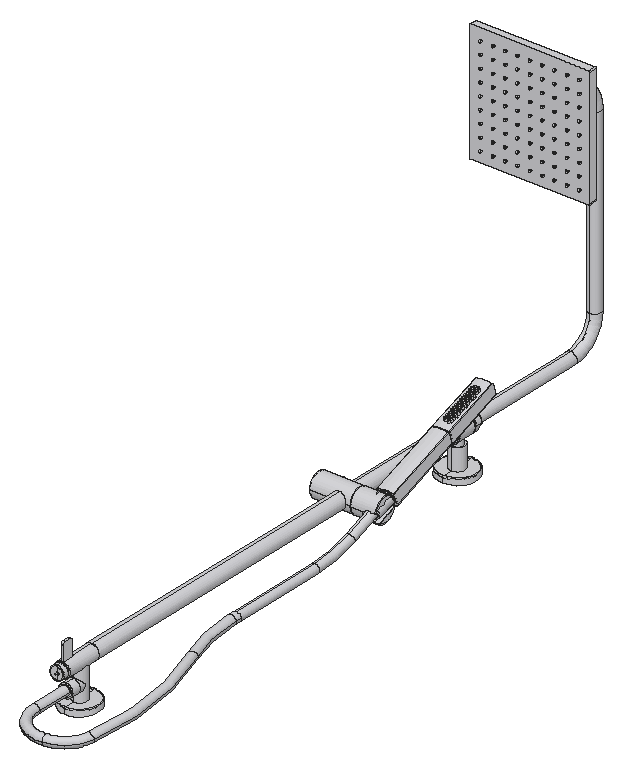
Revit family "Shower-Shower_Column_Kit-KOHLER-ANGULAR-K-76633T_1", category Plumbing Fixtures, host Face, Revit 2017 (continued)
Definition of nested family "K-76633T"
  Lines and regions (in)
    Masking region 2
      outline origin (0, 0, 0) x (1, 0, 0) y (0, 0, 1)
        loop
          line (4.21217, 1.63386) -> (2.30307, 1.63386) -> (2.30307, 1.88976) -> (2.44179, 1.88976)
          arc (2.44179, 1.88976) -> (2.45771, 1.89594) -> (2.46531, 1.91123) r 0.02362
          arc (2.46531, 1.91123) -> (2.48032, 2.23056) -> (2.467, 2.54996) r 3.60796
          line (2.467, 2.54996) -> (2.51994, 2.55862)
          spline (2.51994, 2.55862) -> (2.52328, 2.55946) -> (2.52651, 2.56064) -> (2.52958, 2.56215) -> (2.53245, 2.56396) -> (2.53509, 2.56606) -> (2.53748, 2.56842) -> (2.53957, 2.57102) -> (2.54135, 2.57381) -> (2.54279, 2.57677) -> (2.54387, 2.57986) -> (2.54459, 2.58304) -> (2.54494, 2.58628)
          spline (2.54494, 2.58628) -> (2.54629, 2.61635) -> (2.54752, 2.64644) -> (2.54864, 2.67652) -> (2.54964, 2.70661) -> (2.55052, 2.7367) -> (2.55129, 2.7668) -> (2.55193, 2.79689) -> (2.55246, 2.82699) -> (2.55287, 2.8571) -> (2.55317, 2.8872) -> (2.55335, 2.9173) -> (2.5534, 2.9474)
          line (2.5534, 2.9474) -> (2.5534, 5.87988)
          spline (2.5534, 5.87988) -> (2.55334, 5.91107) -> (2.55315, 5.94226) -> (2.55284, 5.97344) -> (2.55239, 6.00462) -> (2.55183, 6.0358) -> (2.55113, 6.06698) -> (2.55031, 6.09816) -> (2.54936, 6.12933) -> (2.54829, 6.1605) -> (2.54709, 6.19166) -> (2.54577, 6.22282) -> (2.54432, 6.25398)
          spline (2.54432, 6.25398) -> (2.54407, 6.25654) -> (2.54359, 6.25907) -> (2.54288, 6.26155) -> (2.54195, 6.26396) -> (2.54079, 6.26629) -> (2.53943, 6.26852) -> (2.53786, 6.27062) -> (2.53611, 6.27259) -> (2.53418, 6.27441) -> (2.53209, 6.27607) -> (2.52985, 6.27755) -> (2.52749, 6.27884)
          spline (2.52749, 6.27884) -> (2.44265, 6.29546) -> (2.35721, 6.30913) -> (2.2713, 6.31984) -> (2.18502, 6.32756) -> (2.0985, 6.33229) -> (2.01186, 6.33401) -> (1.9252, 6.33274) -> (1.83866, 6.32846) -> (1.75234, 6.32119) -> (1.66636, 6.31093) -> (1.58085, 6.2977) -> (1.49591, 6.28152)
          spline (1.49591, 6.28152) -> (1.49261, 6.28065) -> (1.48943, 6.27945) -> (1.48641, 6.27794) -> (1.48358, 6.27612) -> (1.48097, 6.27402) -> (1.47863, 6.27167) -> (1.47657, 6.2691) -> (1.47482, 6.26633) -> (1.4734, 6.2634) -> (1.47233, 6.26034) -> (1.47162, 6.25719) -> (1.47127, 6.25398)
          spline (1.47127, 6.25398) -> (1.46982, 6.22282) -> (1.4685, 6.19166) -> (1.4673, 6.1605) -> (1.46623, 6.12933) -> (1.46528, 6.09816) -> (1.46446, 6.06698) -> (1.46376, 6.0358) -> (1.4632, 6.00462) -> (1.46275, 5.97344) -> (1.46244, 5.94226) -> (1.46225, 5.91107) -> (1.46219, 5.87988)
          line (1.46219, 5.87988) -> (1.46219, 3.46457) -> (0.87, 3.46457) -> (0.87, 3.35745) -> (0.82677, 3.35745) -> (0.82677, 3.46457) -> (0.3937, 3.46457) -> (0.3937, 14.48819) -> (3.85827, 14.48819)
          arc (3.85827, 14.48819) -> (3.91395, 14.51125) -> (3.93701, 14.56693) r 0.07874
          line (3.93701, 14.56693) -> (3.93701, 22.28346)
          arc (3.93701, 22.28346) -> (3.91395, 22.33914) -> (3.85827, 22.3622) r 0.07874
        loop
          line (1.71252, 1.63386) -> (1.71252, 1.88976) -> (0.87, 1.88976) -> (0.87, 1.99688) -> (0.82677, 1.99688) -> (0.82677, 1.88976) -> (0.46074, 1.88976) -> (0.46074, 1.75197) -> (0.49213, 1.75197) -> (0.49213, 1.63386) -> (1.71252, 1.63386)
    Masking region 3
      outline origin (0, 0, 0) x (0, 1, 0) y (0, 0, 1)
        loop
          line (-29.62598, 0) -> (-29.63568, 0.3707)
          arc (-29.63568, 0.3707) -> (-29.64281, 0.387) -> (-29.65929, 0.3937) r 0.02362
          line (-29.65929, 0.3937) -> (-30.40568, 0.3937) -> (-30.40568, 1.04331) -> (-14.18046, 1.04331)
          arc (-14.18046, 1.04331) -> (-12.56895, 1.19229) -> (-11.01207, 1.63419) r 8.79017
          line (-11.01207, 1.63419) -> (-9.59477, 2.15004)
          arc (-9.59477, 2.15004) -> (-8.98688, 1.8901) -> (-8.39518, 2.18504) r 0.7874
          line (-8.39518, 2.18504) -> (-0.62008, 2.18504) -> (-0.62008, 2.05117)
          arc (-0.62008, 2.05117) -> (-0.61316, 2.03446) -> (-0.59646, 2.02754) r 0.02362
          line (-0.59646, 2.02754) -> (-0.31487, 2.02754) -> (-0.31487, 1.75197) -> (-0.49213, 1.75197) -> (-0.49213, 0.3937) -> (-1.19916, 0.3937)
          arc (-1.19916, 0.3937) -> (-1.22116, 0.38474) -> (-1.23065, 0.36296) r 0.0315
          line (-1.23065, 0.36296) -> (-1.23939, 0) -> (1.23939, 0) -> (1.23065, 0.36296)
          arc (1.23065, 0.36296) -> (1.22116, 0.38474) -> (1.19916, 0.3937) r 0.0315
          line (1.19916, 0.3937) -> (0.49213, 0.3937) -> (0.49213, 1.75197) -> (0.31487, 1.75197) -> (0.31487, 2.02754) -> (0.59646, 2.02754)
          arc (0.59646, 2.02754) -> (0.61316, 2.03446) -> (0.62008, 2.05117) r 0.02362
          line (0.62008, 2.05117) -> (0.62008, 2.12598) -> (0.68322, 2.12598) -> (0.68322, 2.05117)
          arc (0.68322, 2.05117) -> (0.69014, 2.03446) -> (0.70685, 2.02754) r 0.02362
          line (0.70685, 2.02754) -> (1.13204, 2.02754)
          arc (1.13204, 2.02754) -> (1.14875, 2.03446) -> (1.15567, 2.05117) r 0.02362
          line (1.15567, 2.05117) -> (1.15567, 2.28346) -> (9.25197, 2.28346)
          arc (9.25197, 2.28346) -> (10.9223, 2.97534) -> (11.61417, 4.64567) r 2.3622
          line (11.61417, 4.64567) -> (11.61417, 16.45669)
          arc (11.61417, 16.45669) -> (10.9223, 18.12702) -> (9.25197, 18.8189) r 2.3622
          line (9.25197, 18.8189) -> (8.48425, 18.8189) -> (8.45472, 18.78937) -> (8.34604, 18.78937) -> (8.34604, 18.89764) -> (8.03108, 18.89764) -> (8.03108, 18.85827) -> (7.53053, 18.85827) -> (7.50954, 18.8006)
          arc (7.50954, 18.8006) -> (7.49801, 18.78557) -> (7.47994, 18.77988) r 0.0315
          line (7.47994, 18.77988) -> (7.36868, 18.77988)
          arc (7.36868, 18.77988) -> (7.35358, 18.78289) -> (7.34079, 18.79146) r 0.03937
          arc (7.34079, 18.79146) -> (7.2917, 18.83217) -> (7.23581, 18.86287) r 0.33623
          line (7.23581, 18.86287) -> (7.23581, 19.09768)
          arc (7.23581, 19.09768) -> (7.22536, 19.12439) -> (7.19957, 19.13693) r 0.03937
          arc (7.19957, 19.13693) -> (6.81838, 19.16122) -> (6.43659, 19.17323) r 11.86621
          line (6.43659, 19.17323) -> (6.43659, 19.2126) -> (6.41691, 19.24669) -> (6.41691, 22.32283)
          arc (6.41691, 22.32283) -> (6.40538, 22.35067) -> (6.37754, 22.3622) r 0.03937
          line (6.37754, 22.3622) -> (5.94447, 22.3622)
          arc (5.94447, 22.3622) -> (5.91663, 22.35067) -> (5.9051, 22.32283) r 0.03937
          line (5.9051, 22.32283) -> (5.9051, 21.69194) -> (5.85242, 21.69194) -> (5.85242, 21.55021) -> (5.9051, 21.55021) -> (5.9051, 20.88483) -> (5.85242, 20.88483) -> (5.85242, 20.74309) -> (5.9051, 20.74309) -> (5.9051, 20.07771) -> (5.85242, 20.07771) -> (5.85242, 19.93598) -> (5.9051, 19.93598) -> (5.9051, 19.27059) -> (5.85242, 19.27059) -> (5.85242, 19.12886) -> (5.9051, 19.12886) -> (5.9051, 18.46347) -> (5.85242, 18.46347) -> (5.85242, 18.32174) -> (5.9051, 18.32174) -> (5.9051, 17.65636) -> (5.85242, 17.65636) -> (5.85242, 17.51462) -> (5.9051, 17.51462) -> (5.9051, 16.84924) -> (5.85242, 16.84924) -> (5.85242, 16.70751) -> (5.9051, 16.70751) -> (5.9051, 16.04212) -> (5.85242, 16.04212) -> (5.85242, 15.90039) -> (5.9051, 15.90039) -> (5.9051, 15.235) -> (5.85242, 15.235) -> (5.85242, 15.09327) -> (5.9051, 15.09327) -> (5.9051, 14.52756)
          arc (5.9051, 14.52756) -> (5.91663, 14.49972) -> (5.94447, 14.48819) r 0.03937
          line (5.94447, 14.48819) -> (6.37754, 14.48819)
          arc (6.37754, 14.48819) -> (6.40538, 14.49972) -> (6.41691, 14.52756) r 0.03937
          line (6.41691, 14.52756) -> (6.41691, 17.6037) -> (6.43659, 17.6378) -> (6.43659, 17.67717)
          arc (6.43659, 17.67717) -> (6.81838, 17.68918) -> (7.19957, 17.71347) r 11.86621
          arc (7.19957, 17.71347) -> (7.22536, 17.72601) -> (7.23581, 17.75271) r 0.03937
          line (7.23581, 17.75271) -> (7.23581, 17.98752)
          arc (7.23581, 17.98752) -> (7.2917, 18.01823) -> (7.34079, 18.05893) r 0.33623
          arc (7.34079, 18.05893) -> (7.35358, 18.06751) -> (7.36868, 18.07052) r 0.03937
          line (7.36868, 18.07052) -> (7.47994, 18.07052)
          arc (7.47994, 18.07052) -> (7.49801, 18.06482) -> (7.50954, 18.04979) r 0.0315
          line (7.50954, 18.04979) -> (7.53053, 17.99213) -> (8.03108, 17.99213) -> (8.03108, 17.95276) -> (8.34604, 17.95276) -> (8.34604, 18.06102) -> (8.45472, 18.06102) -> (8.48425, 18.0315) -> (9.25197, 18.0315)
          arc (9.25197, 18.0315) -> (10.36552, 17.57025) -> (10.82677, 16.45669) r 1.5748
          line (10.82677, 16.45669) -> (10.82677, 4.64567)
          arc (10.82677, 4.64567) -> (10.36552, 3.53212) -> (9.25197, 3.07087) r 1.5748
          line (9.25197, 3.07087) -> (1.15567, 3.07087) -> (1.15567, 3.30316)
          arc (1.15567, 3.30316) -> (1.14875, 3.31987) -> (1.13204, 3.32679) r 0.02362
          line (1.13204, 3.32679) -> (0.70685, 3.32679)
          arc (0.70685, 3.32679) -> (0.69014, 3.31987) -> (0.68322, 3.30316) r 0.02362
          line (0.68322, 3.30316) -> (0.68322, 3.22835) -> (0.62008, 3.22835) -> (0.62008, 3.30316)
          arc (0.62008, 3.30316) -> (0.61316, 3.31987) -> (0.59646, 3.32679) r 0.02362
          line (0.59646, 3.32679) -> (-0.59646, 3.32679)
          arc (-0.59646, 3.32679) -> (-0.61316, 3.31987) -> (-0.62008, 3.30316) r 0.02362
          line (-0.62008, 3.30316) -> (-0.62008, 3.16929) -> (-6.25394, 3.16929) -> (-3.60518, 4.13336) -> (-3.64809, 4.25126) -> (-3.59735, 4.26973) -> (-3.56251, 4.17403)
          arc (-3.56251, 4.17403) -> (-3.5503, 4.1607) -> (-3.53224, 4.15991) r 0.02362
          line (-3.53224, 4.15991) -> (-0.03399, 5.43317)
          arc (-0.03399, 5.43317) -> (-0.02066, 5.44538) -> (-0.01987, 5.46344) r 0.02362
          line (-0.01987, 5.46344) -> (-0.32866, 6.31183)
          arc (-0.32866, 6.31183) -> (-0.34087, 6.32516) -> (-0.35894, 6.32594) r 0.02362
          line (-0.35894, 6.32594) -> (-0.87791, 6.13705) -> (-0.90168, 6.20239) -> (-3.4217, 5.28518) -> (-3.39792, 5.21985) -> (-3.85718, 5.05269)
          arc (-3.85718, 5.05269) -> (-3.87051, 5.04047) -> (-3.8713, 5.02241) r 0.02362
          line (-3.8713, 5.02241) -> (-3.83995, 4.93628) -> (-3.89069, 4.91781) -> (-3.93012, 5.02614) -> (-8.37119, 3.40972)
          arc (-8.37119, 3.40972) -> (-8.38371, 3.3995) -> (-8.38717, 3.38372) r 0.02456
          arc (-8.38717, 3.38372) -> (-8.39973, 3.39447) -> (-8.41626, 3.39452) r 0.02395
          line (-8.41626, 3.39452) -> (-8.45705, 3.37968)
          arc (-8.45705, 3.37968) -> (-8.46909, 3.36982) -> (-8.47236, 3.35461) r 0.02354
          line (-8.47236, 3.35461) -> (-8.55549, 3.32026)
          arc (-8.55549, 3.32026) -> (-9.11995, 3.45683) -> (-9.62451, 3.16929) r 0.7874
          line (-9.62451, 3.16929) -> (-29.89173, 3.16929) -> (-29.89173, 3.02555) -> (-29.9311, 3.02555) -> (-29.9311, 3.16929) -> (-31.62402, 3.16929) -> (-31.62402, 4.1472)
          arc (-31.62402, 4.1472) -> (-31.65861, 4.23072) -> (-31.74213, 4.26531) r 0.11811
          line (-31.74213, 4.26531) -> (-32.13583, 4.26531)
          arc (-32.13583, 4.26531) -> (-32.21934, 4.23072) -> (-32.25394, 4.1472) r 0.11811
          line (-32.25394, 4.1472) -> (-32.25394, 3.16929) -> (-32.28645, 3.16929) -> (-32.28645, 3.10734) -> (-32.31795, 3.10734) -> (-32.31795, 3.16929) -> (-32.37205, 3.16929) -> (-32.37205, 3.09918)
          arc (-32.37205, 3.09918) -> (-32.37839, 3.11398) -> (-32.39329, 3.12008) r 0.02125
          line (-32.39329, 3.12008) -> (-32.72441, 3.12008)
          arc (-32.72441, 3.12008) -> (-32.74668, 3.11086) -> (-32.75591, 3.08858) r 0.0315
          line (-32.75591, 3.08858) -> (-32.75591, 2.67717) -> (-32.75591, 2.26575)
          arc (-32.75591, 2.26575) -> (-32.74668, 2.24348) -> (-32.72441, 2.23425) r 0.0315
          line (-32.72441, 2.23425) -> (-32.39329, 2.23425)
          arc (-32.39329, 2.23425) -> (-32.37839, 2.24035) -> (-32.37205, 2.25515) r 0.02125
          line (-32.37205, 2.25515) -> (-32.37205, 2.18504) -> (-32.31795, 2.18504) -> (-32.31795, 2.24699) -> (-32.28645, 2.24699) -> (-32.28645, 2.18504) -> (-31.3266, 2.18504) -> (-31.3266, 1.79134) -> (-31.39764, 1.79134) -> (-31.39764, 1.7586)
          arc (-31.39764, 1.7586) -> (-31.40223, 1.77457) -> (-31.41732, 1.7815) r 0.01991
          line (-31.41732, 1.7815) -> (-32.00787, 1.7815)
          arc (-32.00787, 1.7815) -> (-32.03015, 1.77227) -> (-32.03937, 1.75) r 0.0315
          line (-32.03937, 1.75) -> (-32.03937, 1.63386) -> (-36.67787, 1.63386)
          arc (-36.67787, 1.63386) -> (-36.97315, 1.33858) -> (-36.67787, 1.04331) r 0.29528
          line (-36.67787, 1.04331) -> (-32.03937, 1.04331) -> (-32.03937, 0.92717)
          arc (-32.03937, 0.92717) -> (-32.03015, 0.90489) -> (-32.00787, 0.89567) r 0.0315
          line (-32.00787, 0.89567) -> (-31.41732, 0.89567)
          arc (-31.41732, 0.89567) -> (-31.40223, 0.9026) -> (-31.39764, 0.91856) r 0.01991
          line (-31.39764, 0.91856) -> (-31.39764, 0.88583) -> (-31.3266, 0.88583) -> (-31.3266, 0.3937) -> (-32.07299, 0.3937)
          arc (-32.07299, 0.3937) -> (-32.08948, 0.387) -> (-32.09661, 0.3707) r 0.02362
          line (-32.09661, 0.3707) -> (-32.1063, 0) -> (-29.62598, 0)
        loop
          line (-29.89173, 2.18504) -> (-29.89173, 2.32878) -> (-29.9311, 2.32878) -> (-29.9311, 2.18504) -> (-30.40568, 2.18504) -> (-30.40568, 1.63386) -> (-14.18046, 1.63386)
          arc (-14.18046, 1.63386) -> (-12.67722, 1.77283) -> (-11.22493, 2.18504) r 8.19962
          line (-11.22493, 2.18504) -> (-29.89173, 2.18504)
    symbolic lines, detail levels medium+fine
      curve 1: line (-0.3937, 8.45472, 1.33858) -> (0.3937, 8.45472, 1.33858)
      curve 2: line (-0.47244, 8.34604, 1.33858) -> (0.47244, 8.34604, 1.33858)
      curve 3: line (-0.36416, 8.45472, 1.33858) -> (-0.36416, 8.34604, 1.33858)
      curve 4: line (0.36416, 8.45472, 1.33858) -> (0.36416, 8.34604, 1.33858)
      curve 5: line (0.18881, 8.03108, 1.33858) -> (0.18881, 7.56691, 1.33858)
      curve 6: line (0.18881, 8.03108, 1.33858) -> (-0.18881, 8.03108, 1.33858)
      curve 7: line (-0.18881, 7.56691, 1.33858) -> (-0.18881, 8.03108, 1.33858)
      curve 8: spline (-0.18881, 7.56691, 1.33858) -> (-0.18238, 7.5575, 1.33858) -> (-0.16352, 7.54872, 1.33858) -> (-0.13351, 7.54119, 1.33858) -> (-0.09441, 7.5354, 1.33858) -> (-0.04887, 7.53177, 1.33858) -> (0, 7.53053, 1.33858) -> (0.04887, 7.53177, 1.33858) -> (0.09441, 7.5354, 1.33858) -> (0.13351, 7.54119, 1.33858) -> (0.16352, 7.54872, 1.33858) -> (0.18238, 7.5575, 1.33858) -> (0.18881, 7.56691, 1.33858)
      curve 9: line (-0.43767, 7.23581, 1.33858) -> (0.47079, 7.23581, 1.33858)
      curve 10: line (-0.7874, 6.43659, 1.33858) -> (0.7874, 6.43659, 1.33858)
      curve 11: line (-0.8759, 6.41691, 1.33858) -> (0.89576, 6.41691, 1.33858)
      curve 12: line (-3.85827, 5.9051, 1.33858) -> (3.62205, 5.9051, 1.33858)
      curve 13: line (-3.93701, 6.35785, 1.33858) -> (3.93701, 6.35785, 1.33858)
      curve 14: line (-3.93701, 5.96415, 1.33858) -> (3.93701, 5.96415, 1.33858)
      curve 15: line (-0.3937, 9.70892, 1.33858) -> (0.3937, 9.70892, 1.33858)
      curve 16: line (-0.71173, 7.19957, 1.33858) -> (0.71173, 7.19957, 1.33858)
      curve 17: line (-0.35468, 7.48014, 1.33858) -> (-0.35468, 7.36874, 1.33858)
      curve 18: line (-0.41436, 7.52372, 1.33858) -> (-0.37521, 7.50947, 1.33858)
      curve 19: arc (-0.37521, 7.50947, 1.33858) -> (-0.36032, 7.49804, 1.33858) -> (-0.35468, 7.48014, 1.33858) r 0.03121
      curve 20: arc (-0.3937, 7.30987, 1.33858) -> (-0.38139, 7.32549, 1.33858) -> (-0.36746, 7.3397, 1.33858) r 0.1843
      curve 21: arc (-0.36746, 7.3397, 1.33858) -> (-0.35802, 7.35288, 1.33858) -> (-0.35468, 7.36874, 1.33858) r 0.03937
      curve 22: line (0.35468, 7.48014, 1.33858) -> (0.35468, 7.36874, 1.33858)
      curve 23: line (0.41436, 7.52372, 1.33858) -> (0.37521, 7.50947, 1.33858)
      curve 24: arc (0.37521, 7.50947, 1.33858) -> (0.36032, 7.49804, 1.33858) -> (0.35468, 7.48014, 1.33858) r 0.03121
      curve 25: arc (0.3937, 7.30987, 1.33858) -> (0.38139, 7.32549, 1.33858) -> (0.36746, 7.3397, 1.33858) r 0.1843
      curve 26: arc (0.36746, 7.3397, 1.33858) -> (0.35802, 7.35288, 1.33858) -> (0.35468, 7.36874, 1.33858) r 0.03937
      curve 27: line (-0.36746, 7.3397, 1.33858) -> (0.36746, 7.3397, 1.33858)
      curve 28: line (-0.35468, 7.36874, 1.33858) -> (0.35468, 7.36874, 1.33858)
      curve 29: line (-0.35468, 7.48014, 1.33858) -> (0.35468, 7.48014, 1.33858)
      curve 30: line (-0.37521, 7.50947, 1.33858) -> (0.37521, 7.50947, 1.33858)
      curve 31: line (-0.45172, 7.53732, 1.33858) -> (-0.10982, 7.53732, 1.33858)
      curve 32: line (-0.47244, 7.56691, 1.33858) -> (-0.18881, 7.56691, 1.33858)
      curve 33: line (0.45172, 7.53732, 1.33858) -> (0.10982, 7.53732, 1.33858)
      curve 34: line (-0.64962, 1.0555, 1.33858) -> (-0.64962, 0.70685, 1.33858)
      curve 35: line (0, -0.62008, 1.33858) -> (-0.626, -0.62008, 1.33858)
      curve 36: arc (-0.64962, -0.59646, 1.33858) -> (-0.6427, -0.61316, 1.33858) -> (-0.626, -0.62008, 1.33858) r 0.02362
      curve 37: line (-0.55118, 0.68322, 1.33858) -> (-0.55118, 0.61998, 1.33858)
      curve 38: line (-0.55118, 0.61998, 1.33858) -> (-0.626, 0.61998, 1.33858)
      curve 39: line (-0.64962, 0.59636, 1.33858) -> (-0.64962, -0.59646, 1.33858)
      curve 40: line (-0.55118, 0.68322, 1.33858) -> (-0.626, 0.68322, 1.33858)
      curve 41: arc (-0.626, 0.68322, 1.33858) -> (-0.6427, 0.69014, 1.33858) -> (-0.64962, 0.70685, 1.33858) r 0.02362
      curve 42: arc (-0.626, 0.61998, 1.33858) -> (-0.6427, 0.61306, 1.33858) -> (-0.64962, 0.59636, 1.33858) r 0.02362
      curve 43: line (-0.36895, 1.1334, 1.33858) -> (-0.36895, 0.70514, 1.33858)
      curve 44: spline (-0.39352, 1.15567, 1.33858) -> (-0.39118, 1.1561, 1.33858) -> (-0.38883, 1.15609, 1.33858) -> (-0.38649, 1.15564, 1.33858) -> (-0.38418, 1.15475, 1.33858) -> (-0.38192, 1.15342, 1.33858) -> (-0.37973, 1.15168, 1.33858) -> (-0.37762, 1.14953, 1.33858) -> (-0.37562, 1.14699, 1.33858) -> (-0.37373, 1.14408, 1.33858) -> (-0.37198, 1.14083, 1.33858) -> (-0.37038, 1.13726, 1.33858) -> (-0.36895, 1.1334, 1.33858)
      curve 45: spline (-0.36895, 0.70514, 1.33858) -> (-0.37038, 0.7014, 1.33858) -> (-0.37196, 0.69793, 1.33858) -> (-0.37368, 0.69477, 1.33858) -> (-0.37554, 0.69194, 1.33858) -> (-0.3775, 0.68946, 1.33858) -> (-0.37957, 0.68735, 1.33858) -> (-0.38172, 0.68564, 1.33858) -> (-0.38393, 0.68432, 1.33858) -> (-0.38619, 0.68341, 1.33858) -> (-0.38847, 0.68293, 1.33858) -> (-0.39078, 0.68286, 1.33858) -> (-0.39307, 0.68322, 1.33858)
      curve 46: line (-0.626, 1.15567, 1.33858) -> (0, 1.15567, 1.33858)
      curve 47: line (-0.626, 0.62008, 1.33858) -> (0, 0.62008, 1.33858)
      curve 48: line (0.64962, 1.0555, 1.33858) -> (0.64962, 0.70685, 1.33858)
      curve 49: line (0, -0.62008, 1.33858) -> (0.626, -0.62008, 1.33858)
      curve 50: arc (0.64962, -0.59646, 1.33858) -> (0.6427, -0.61316, 1.33858) -> (0.626, -0.62008, 1.33858) r 0.02362
      curve 51: line (0.55118, 0.68322, 1.33858) -> (0.55118, 0.61998, 1.33858)
      curve 52: line (0.55118, 0.61998, 1.33858) -> (0.626, 0.61998, 1.33858)
      curve 53: line (0.64962, 0.59636, 1.33858) -> (0.64962, -0.59646, 1.33858)
      curve 54: line (0.55118, 0.68322, 1.33858) -> (0.626, 0.68322, 1.33858)
      curve 55: arc (0.626, 0.68322, 1.33858) -> (0.6427, 0.69014, 1.33858) -> (0.64962, 0.70685, 1.33858) r 0.02362
      curve 56: arc (0.626, 0.61998, 1.33858) -> (0.6427, 0.61306, 1.33858) -> (0.64962, 0.59636, 1.33858) r 0.02362
      curve 57: line (0.626, 1.15567, 1.33858) -> (0, 1.15567, 1.33858)
      curve 58: line (0.626, 0.62008, 1.33858) -> (0, 0.62008, 1.33858)
      curve 59: line (-0.55118, 0.68322, 1.33858) -> (0.56688, 0.68322, 1.33858)
      curve 60: line (-0.3937, 1.19257, 1.33858) -> (-0.3937, 1.15567, 1.33858)
      curve 61: line (0.3937, 1.23762, 1.33858) -> (0.3937, 1.15567, 1.33858)
      curve 62: line (-0.49213, -1.1375, 1.33858) -> (-0.49213, -0.62008, 1.33858)
      curve 63: line (0.49213, -1.1375, 1.33858) -> (0.49213, -0.62008, 1.33858)
      curve 64: line (-1.3093, -8.22244, 1.33858) -> (-0.72835, -8.22244, 1.33858)
      curve 65: line (0, -8.39518, 1.33858) -> (0.52362, -8.19094, 1.33858)
      curve 66: line (0.82677, -8.22244, 1.33858) -> (0.82677, -9.79724, 1.33858)
      curve 67: line (0.87, -8.22244, 1.33858) -> (0.87, -9.79724, 1.33858)
      curve 68: line (0, -8.39518, 1.33858) -> (-0.52362, -8.19094, 1.33858)
      curve 69: line (0, -8.37006, 1.33858) -> (-0.49213, -8.19094, 1.33858)
      curve 70: line (0, -8.42667, 1.33858) -> (0.52362, -8.22244, 1.33858)
      curve 71: line (0, -8.42667, 1.33858) -> (-0.52362, -8.22244, 1.33858)
      curve 72: line (0, -8.37006, 1.33858) -> (0.49213, -8.19094, 1.33858)
      curve 73: line (0, -9.62451, 1.33858) -> (0.52362, -9.82874, 1.33858)
      curve 74: line (0, -9.62451, 1.33858) -> (-0.52362, -9.82874, 1.33858)
      curve 75: line (0, -9.64962, 1.33858) -> (-0.49213, -9.82874, 1.33858)
      curve 76: line (0, -9.59301, 1.33858) -> (0.52362, -9.79724, 1.33858)
      curve 77: line (0, -9.59301, 1.33858) -> (-0.52362, -9.79724, 1.33858)
      curve 78: line (0, -9.64962, 1.33858) -> (0.49213, -9.82874, 1.33858)
      curve 79: line (-3.70114, 6.41691, 1.33858) -> (-3.70114, 5.9051, 1.33858)
      curve 80: line (3.70114, 6.41691, 1.33858) -> (3.70114, 5.9051, 1.33858)
      curve 81: arc (-0.64962, 1.01833, 1.33858) -> (-1.20458, -0.08943, 1.33858) -> (-0.49213, -1.1031, 1.33858) r 1.2079
      curve 82: arc (0.49213, -1.1031, 1.33858) -> (1.20458, -0.08943, 1.33858) -> (0.64962, 1.01833, 1.33858) r 1.2079
      curve 83: line (-1.2697, -8.05939, 1.33858) -> (-0.68641, -8.05939, 1.33858)
      curve 84: line (-1.82677, -8.22244, 1.33858) -> (-1.82677, -9.79724, 1.33858)
      curve 85: line (2.44287, -9.79724, 1.33858) -> (2.44287, -8.48115, 1.33858)
      curve 86: line (2.46648, -9.77448, 1.33858) -> (2.46648, -8.50162, 1.33858)
      curve 87: line (1.59273, -9.79724, 1.33858) -> (2.30307, -9.79724, 1.33858)
      curve 88: line (-0.43017, -32.28645, 1.33858) -> (0.43017, -32.28645, 1.33858)
      curve 89: line (-0.42202, -32.37205, 1.33858) -> (0.42202, -32.37205, 1.33858)
      curve 90: line (-0.43017, -32.31795, 1.33858) -> (0.43017, -32.31795, 1.33858)
      curve 91: line (-0.49213, -32.00447, 1.33858) -> (-0.49213, -29.9311, 1.33858)
      curve 92: line (-0.49213, -29.9311, 1.33858) -> (-0.34839, -29.9311, 1.33858)
      curve 93: line (-0.34839, -29.9311, 1.33858) -> (-0.34839, -29.89173, 1.33858)
      curve 94: line (-0.34839, -29.89173, 1.33858) -> (-0.49213, -29.89173, 1.33858)
      curve 95: line (-0.49213, -29.89173, 1.33858) -> (-0.49213, -29.72781, 1.33858)
      curve 96: line (0.49213, -32.00447, 1.33858) -> (0.49213, -29.9311, 1.33858)
      curve 97: line (0.49213, -29.9311, 1.33858) -> (0.34839, -29.9311, 1.33858)
      curve 98: line (0.34839, -29.9311, 1.33858) -> (0.34839, -29.89173, 1.33858)
      curve 99: line (0.34839, -29.89173, 1.33858) -> (0.49213, -29.89173, 1.33858)
      curve 100: line (0.49213, -29.89173, 1.33858) -> (0.49213, -29.72781, 1.33858)
      curve 101: line (-0.34839, -29.89173, 1.33858) -> (0.34839, -29.89173, 1.33858)
      curve 102: line (0.34839, -29.9311, 1.33858) -> (-0.34839, -29.9311, 1.33858)
      curve 103: line (0.07874, -32.23031, 1.33858) -> (0.07874, -31.64764, 1.33858)
      curve 104: line (-0.07874, -31.64764, 1.33858) -> (-0.07874, -32.23031, 1.33858)
      curve 105: line (0.05512, -31.62402, 1.33858) -> (-0.05512, -31.62402, 1.33858)
      curve 106: line (-0.05512, -32.25394, 1.33858) -> (0.05512, -32.25394, 1.33858)
      curve 107: arc (-0.05512, -31.62402, 1.33858) -> (-0.07182, -31.63093, 1.33858) -> (-0.07874, -31.64764, 1.33858) r 0.02362
      curve 108: arc (0.07874, -31.64764, 1.33858) -> (0.07182, -31.63093, 1.33858) -> (0.05512, -31.62402, 1.33858) r 0.02362
      curve 109: arc (-0.07874, -32.23031, 1.33858) -> (-0.07182, -32.24702, 1.33858) -> (-0.05512, -32.25394, 1.33858) r 0.02362
      curve 110: arc (0.05512, -32.25394, 1.33858) -> (0.07182, -32.24702, 1.33858) -> (0.07874, -32.23031, 1.33858) r 0.02362
      curve 111: line (-0.05512, -31.62402, 1.33858) -> (-0.49213, -31.62402, 1.33858)
      curve 112: line (0.05512, -31.62402, 1.33858) -> (0.49213, -31.62402, 1.33858)
      curve 113: line (-0.49213, -31.6034, 1.33858) -> (0.49213, -31.6034, 1.33858)
      curve 114: arc (-0.49213, -29.76221, 1.33858) -> (-1.20866, -30.86614, 1.33858) -> (-0.49213, -31.97008, 1.33858) r 1.20866
      curve 115: arc (0.49213, -31.97008, 1.33858) -> (1.20866, -30.86614, 1.33858) -> (0.49213, -29.76221, 1.33858) r 1.20866
      curve 116: line (-0.29528, -32.75591, 1.33858) -> (0.29528, -32.75591, 1.33858)
      curve 117: line (-0.44291, -32.72441, 1.33858) -> (0.44291, -32.72441, 1.33858)
      curve 118: line (-0.44291, -32.39329, 1.33858) -> (0.44291, -32.39329, 1.33858)
      curve 119: line (-0.05512, -31.62402, 1.33858) -> (-0.05512, -32.25394, 1.33858)
      curve 120: line (0.05512, -32.25394, 1.33858) -> (0.05512, -31.62402, 1.33858)
      curve 121: line (-0.07874, -31.64764, 1.33858) -> (0.07874, -31.64764, 1.33858)
      curve 122: line (-0.07874, -32.23031, 1.33858) -> (0.07874, -32.23031, 1.33858)
      curve 123: line (-0.97355, -8.04134, 1.33858) -> (-1.03169, -8.27453, 1.33858)
      curve 124: spline (1.49591, -0.31763, 1.33858) -> (1.5802, -0.32348, 1.33858) -> (1.66506, -0.32827, 1.33858) -> (1.75038, -0.33199, 1.33858) -> (1.83604, -0.33465, 1.33858) -> (1.92192, -0.33623, 1.33858) -> (2.00792, -0.33674, 1.33858) -> (2.09391, -0.33617, 1.33858) -> (2.17978, -0.33452, 1.33858) -> (2.26542, -0.3318, 1.33858) -> (2.35071, -0.32801, 1.33858) -> (2.43554, -0.32316, 1.33858) -> (2.5198, -0.31725, 1.33858)
      curve 125: spline (1.47127, -0.3076, 1.33858) -> (1.47162, -0.30877, 1.33858) -> (1.47233, -0.30992, 1.33858) -> (1.4734, -0.31103, 1.33858) -> (1.47482, -0.3121, 1.33858) -> (1.47657, -0.31311, 1.33858) -> (1.47863, -0.31404, 1.33858) -> (1.48097, -0.3149, 1.33858) -> (1.48358, -0.31566, 1.33858) -> (1.48641, -0.31632, 1.33858) -> (1.48943, -0.31688, 1.33858) -> (1.49261, -0.31731, 1.33858) -> (1.49591, -0.31763, 1.33858)
      curve 126: spline (1.47064, -0.04012, 1.33858) -> (1.46801, -0.0624, 1.33858) -> (1.46587, -0.08469, 1.33858) -> (1.46422, -0.10698, 1.33858) -> (1.46306, -0.12927, 1.33858) -> (1.46238, -0.15157, 1.33858) -> (1.46219, -0.17387, 1.33858) -> (1.46249, -0.19616, 1.33858) -> (1.46327, -0.21846, 1.33858) -> (1.46454, -0.24075, 1.33858) -> (1.4663, -0.26304, 1.33858) -> (1.46854, -0.28533, 1.33858) -> (1.47127, -0.3076, 1.33858)
      curve 127: spline (2.5198, -0.31725, 1.33858) -> (2.52309, -0.31693, 1.33858) -> (2.52626, -0.31649, 1.33858) -> (2.52928, -0.31594, 1.33858) -> (2.5321, -0.31527, 1.33858) -> (2.5347, -0.31451, 1.33858) -> (2.53704, -0.31366, 1.33858) -> (2.53909, -0.31272, 1.33858) -> (2.54083, -0.31171, 1.33858) -> (2.54225, -0.31065, 1.33858) -> (2.54332, -0.30954, 1.33858) -> (2.54403, -0.30839, 1.33858) -> (2.54437, -0.30723, 1.33858)
      curve 128: spline (2.54437, -0.30723, 1.33858) -> (2.54709, -0.28497, 1.33858) -> (2.54932, -0.26271, 1.33858) -> (2.55107, -0.24044, 1.33858) -> (2.55233, -0.21817, 1.33858) -> (2.55311, -0.19589, 1.33858) -> (2.5534, -0.17362, 1.33858) -> (2.55321, -0.15134, 1.33858) -> (2.55252, -0.12907, 1.33858) -> (2.55136, -0.1068, 1.33858) -> (2.5497, -0.08453, 1.33858) -> (2.54756, -0.06226, 1.33858) -> (2.54494, -0.04001, 1.33858)
      curve 129: line (2.52582, -0.39576, 1.33858) -> (1.48995, -0.39614, 1.33858)
      curve 130: line (1.49442, -0.33726, 1.33858) -> (2.5213, -0.33687, 1.33858)
      curve 131: spline (1.49591, -3.86027, 1.33858) -> (1.51735, -3.86186, 1.33858) -> (1.53884, -3.86339, 1.33858) -> (1.56036, -3.86484, 1.33858) -> (1.58192, -3.86623, 1.33858) -> (1.60352, -3.86754, 1.33858) -> (1.62516, -3.86879, 1.33858) -> (1.64683, -3.86997, 1.33858) -> (1.66853, -3.87108, 1.33858) -> (1.69026, -3.87212, 1.33858) -> (1.71201, -3.87309, 1.33858) -> (1.73379, -3.874, 1.33858) -> (1.7556, -3.87483, 1.33858)
      curve 132: spline (1.7556, -3.87483, 1.33858) -> (1.79709, -3.87504, 1.33858) -> (1.83866, -3.87521, 1.33858) -> (1.88028, -3.87535, 1.33858) -> (1.92194, -3.87544, 1.33858) -> (1.96364, -3.8755, 1.33858) -> (2.00535, -3.87552, 1.33858) -> (2.04706, -3.8755, 1.33858) -> (2.08875, -3.87544, 1.33858) -> (2.13041, -3.87535, 1.33858) -> (2.17204, -3.87521, 1.33858) -> (2.2136, -3.87504, 1.33858) -> (2.25509, -3.87483, 1.33858)
      curve 133: spline (2.25509, -3.87483, 1.33858) -> (2.27798, -3.87395, 1.33858) -> (2.30084, -3.873, 1.33858) -> (2.32366, -3.87197, 1.33858) -> (2.34646, -3.87087, 1.33858) -> (2.36923, -3.86969, 1.33858) -> (2.39196, -3.86843, 1.33858) -> (2.41465, -3.8671, 1.33858) -> (2.43731, -3.86569, 1.33858) -> (2.45992, -3.8642, 1.33858) -> (2.48249, -3.86264, 1.33858) -> (2.50501, -3.861, 1.33858) -> (2.52749, -3.85929, 1.33858)
      curve 134: spline (1.47127, -3.85025, 1.33858) -> (1.47162, -3.85141, 1.33858) -> (1.47233, -3.85256, 1.33858) -> (1.4734, -3.85367, 1.33858) -> (1.47482, -3.85474, 1.33858) -> (1.47657, -3.85575, 1.33858) -> (1.47863, -3.85669, 1.33858) -> (1.48097, -3.85754, 1.33858) -> (1.48358, -3.8583, 1.33858) -> (1.48641, -3.85896, 1.33858) -> (1.48943, -3.85952, 1.33858) -> (1.49261, -3.85995, 1.33858) -> (1.49591, -3.86027, 1.33858)
      curve 135: spline (1.47127, -3.90099, 1.33858) -> (1.46982, -3.88965, 1.33858) -> (1.4685, -3.87831, 1.33858) -> (1.4673, -3.86696, 1.33858) -> (1.46623, -3.85562, 1.33858) -> (1.46528, -3.84427, 1.33858) -> (1.46446, -3.83293, 1.33858) -> (1.46376, -3.82158, 1.33858) -> (1.4632, -3.81023, 1.33858) -> (1.46275, -3.79888, 1.33858) -> (1.46244, -3.78753, 1.33858) -> (1.46225, -3.77618, 1.33858) -> (1.46219, -3.76483, 1.33858)
      curve 136: spline (1.49591, -3.91101, 1.33858) -> (1.49261, -3.9107, 1.33858) -> (1.48943, -3.91026, 1.33858) -> (1.48641, -3.90971, 1.33858) -> (1.48358, -3.90905, 1.33858) -> (1.48097, -3.90828, 1.33858) -> (1.47863, -3.90743, 1.33858) -> (1.47657, -3.90649, 1.33858) -> (1.47482, -3.90548, 1.33858) -> (1.4734, -3.90442, 1.33858) -> (1.47233, -3.9033, 1.33858) -> (1.47162, -3.90216, 1.33858) -> (1.47127, -3.90099, 1.33858)
      curve 137: spline (2.52749, -3.91004, 1.33858) -> (2.44265, -3.91609, 1.33858) -> (2.35721, -3.92106, 1.33858) -> (2.2713, -3.92496, 1.33858) -> (2.18502, -3.92777, 1.33858) -> (2.0985, -3.92949, 1.33858) -> (2.01186, -3.93012, 1.33858) -> (1.9252, -3.92965, 1.33858) -> (1.83866, -3.9281, 1.33858) -> (1.75234, -3.92545, 1.33858) -> (1.66636, -3.92172, 1.33858) -> (1.58085, -3.9169, 1.33858) -> (1.49591, -3.91101, 1.33858)
      curve 138: line (1.47127, -3.85025, 1.33858) -> (1.46219, -3.76483, 1.33858)
      curve 139: spline (2.54432, -3.85025, 1.33858) -> (2.54407, -3.85118, 1.33858) -> (2.54359, -3.8521, 1.33858) -> (2.54288, -3.853, 1.33858) -> (2.54195, -3.85388, 1.33858) -> (2.54079, -3.85473, 1.33858) -> (2.53943, -3.85554, 1.33858) -> (2.53786, -3.8563, 1.33858) -> (2.53611, -3.85702, 1.33858) -> (2.53418, -3.85768, 1.33858) -> (2.53209, -3.85828, 1.33858) -> (2.52985, -3.85882, 1.33858) -> (2.52749, -3.85929, 1.33858)
      curve 140: spline (2.54432, -3.90099, 1.33858) -> (2.54577, -3.88965, 1.33858) -> (2.54709, -3.87831, 1.33858) -> (2.54829, -3.86696, 1.33858) -> (2.54936, -3.85562, 1.33858) -> (2.55031, -3.84427, 1.33858) -> (2.55113, -3.83293, 1.33858) -> (2.55183, -3.82158, 1.33858) -> (2.55239, -3.81023, 1.33858) -> (2.55284, -3.79888, 1.33858) -> (2.55315, -3.78753, 1.33858) -> (2.55334, -3.77618, 1.33858) -> (2.5534, -3.76483, 1.33858)
      curve 141: spline (2.52749, -3.91004, 1.33858) -> (2.52985, -3.90957, 1.33858) -> (2.53209, -3.90903, 1.33858) -> (2.53418, -3.90843, 1.33858) -> (2.53611, -3.90776, 1.33858) -> (2.53786, -3.90705, 1.33858) -> (2.53943, -3.90628, 1.33858) -> (2.54079, -3.90547, 1.33858) -> (2.54195, -3.90462, 1.33858) -> (2.54288, -3.90374, 1.33858) -> (2.54359, -3.90284, 1.33858) -> (2.54407, -3.90192, 1.33858) -> (2.54432, -3.90099, 1.33858)
      curve 142: line (2.54432, -3.85025, 1.33858) -> (2.5534, -3.76483, 1.33858)
      curve 143: arc (1.84538, -3.87524, 1.33858) -> (2.00926, -3.89069, 1.33858) -> (2.17314, -3.87521, 1.33858) r 0.87565
      curve 144: arc (1.49442, -0.33726, 1.33858) -> (1.47163, -0.32782, 1.33858) -> (1.46219, -0.30502, 1.33858) r 0.03223
      curve 145: arc (1.48995, -0.39614, 1.33858) -> (1.4704, -0.38436, 1.33858) -> (1.46219, -0.36306, 1.33858) r 0.0352
      curve 146: arc (2.5213, -0.33687, 1.33858) -> (2.544, -0.32747, 1.33858) -> (2.5534, -0.30477, 1.33858) r 0.0321
      curve 147: arc (2.52582, -0.39576, 1.33858) -> (2.54532, -0.38768, 1.33858) -> (2.5534, -0.36817, 1.33858) r 0.02758
      curve 148: spline (1.89877, -1.01267, 1.33858) -> (1.91405, -1.01078, 1.33858) -> (1.92829, -1.00524, 1.33858) -> (1.94052, -0.99642, 1.33858) -> (1.94991, -0.98493, 1.33858) -> (1.95581, -0.97154, 1.33858) -> (1.95782, -0.95718, 1.33858) -> (1.95581, -0.94282, 1.33858) -> (1.94991, -0.92943, 1.33858) -> (1.94052, -0.91794, 1.33858) -> (1.92829, -0.90912, 1.33858) -> (1.91405, -0.90358, 1.33858) -> (1.89877, -0.90168, 1.33858)
      curve 149: spline (1.89877, -0.90168, 1.33858) -> (1.88348, -0.90358, 1.33858) -> (1.86924, -0.90912, 1.33858) -> (1.85701, -0.91794, 1.33858) -> (1.84762, -0.92943, 1.33858) -> (1.84172, -0.94282, 1.33858) -> (1.83971, -0.95718, 1.33858) -> (1.84172, -0.97154, 1.33858) -> (1.84762, -0.98493, 1.33858) -> (1.85701, -0.99642, 1.33858) -> (1.86924, -1.00524, 1.33858) -> (1.88348, -1.01078, 1.33858) -> (1.89877, -1.01267, 1.33858)
      curve 150: spline (2.0078, -1.10528, 1.33858) -> (2.02308, -1.10339, 1.33858) -> (2.03732, -1.09785, 1.33858) -> (2.04955, -1.08903, 1.33858) -> (2.05894, -1.07754, 1.33858) -> (2.06484, -1.06415, 1.33858) -> (2.06685, -1.04979, 1.33858) -> (2.06484, -1.03543, 1.33858) -> (2.05894, -1.02204, 1.33858) -> (2.04955, -1.01055, 1.33858) -> (2.03732, -1.00173, 1.33858) -> (2.02308, -0.99619, 1.33858) -> (2.0078, -0.9943, 1.33858)
      curve 151: spline (2.0078, -0.9943, 1.33858) -> (1.99251, -0.99619, 1.33858) -> (1.97827, -1.00173, 1.33858) -> (1.96604, -1.01055, 1.33858) -> (1.95665, -1.02204, 1.33858) -> (1.95075, -1.03543, 1.33858) -> (1.94874, -1.04979, 1.33858) -> (1.95075, -1.06415, 1.33858) -> (1.95665, -1.07754, 1.33858) -> (1.96604, -1.08903, 1.33858) -> (1.97827, -1.09785, 1.33858) -> (1.99251, -1.10339, 1.33858) -> (2.0078, -1.10528, 1.33858)
      curve 152: spline (2.11683, -0.90168, 1.33858) -> (2.10154, -0.90358, 1.33858) -> (2.0873, -0.90912, 1.33858) -> (2.07507, -0.91794, 1.33858) -> (2.06568, -0.92943, 1.33858) -> (2.05978, -0.94282, 1.33858) -> (2.05777, -0.95718, 1.33858) -> (2.05978, -0.97154, 1.33858) -> (2.06568, -0.98493, 1.33858) -> (2.07507, -0.99642, 1.33858) -> (2.0873, -1.00524, 1.33858) -> (2.10154, -1.01078, 1.33858) -> (2.11683, -1.01267, 1.33858)
      curve 153: spline (2.11683, -1.01267, 1.33858) -> (2.13211, -1.01078, 1.33858) -> (2.14635, -1.00524, 1.33858) -> (2.15858, -0.99642, 1.33858) -> (2.16797, -0.98493, 1.33858) -> (2.17387, -0.97154, 1.33858) -> (2.17588, -0.95718, 1.33858) -> (2.17387, -0.94282, 1.33858) -> (2.16797, -0.92943, 1.33858) -> (2.15858, -0.91794, 1.33858) -> (2.14635, -0.90912, 1.33858) -> (2.13211, -0.90358, 1.33858) -> (2.11683, -0.90168, 1.33858)
      curve 154: spline (2.21984, -1.10947, 1.33858) -> (2.23512, -1.10758, 1.33858) -> (2.24936, -1.10204, 1.33858) -> (2.26159, -1.09322, 1.33858) -> (2.27098, -1.08172, 1.33858) -> (2.27688, -1.06834, 1.33858) -> (2.27889, -1.05398, 1.33858) -> (2.27688, -1.03961, 1.33858) -> (2.27098, -1.02623, 1.33858) -> (2.26159, -1.01474, 1.33858) -> (2.24936, -1.00592, 1.33858) -> (2.23512, -1.00037, 1.33858) -> (2.21984, -0.99848, 1.33858)
      curve 155: spline (2.21984, -0.99848, 1.33858) -> (2.20455, -1.00037, 1.33858) -> (2.19031, -1.00592, 1.33858) -> (2.17808, -1.01474, 1.33858) -> (2.16869, -1.02623, 1.33858) -> (2.16279, -1.03961, 1.33858) -> (2.16078, -1.05398, 1.33858) -> (2.16279, -1.06834, 1.33858) -> (2.16869, -1.08172, 1.33858) -> (2.17808, -1.09322, 1.33858) -> (2.19031, -1.10204, 1.33858) -> (2.20455, -1.10758, 1.33858) -> (2.21984, -1.10947, 1.33858)
      curve 156: spline (1.79575, -1.10947, 1.33858) -> (1.81104, -1.10758, 1.33858) -> (1.82528, -1.10204, 1.33858) -> (1.83751, -1.09322, 1.33858) -> (1.8469, -1.08172, 1.33858) -> (1.8528, -1.06834, 1.33858) -> (1.85481, -1.05398, 1.33858) -> (1.8528, -1.03961, 1.33858) -> (1.8469, -1.02623, 1.33858) -> (1.83751, -1.01474, 1.33858) -> (1.82528, -1.00592, 1.33858) -> (1.81104, -1.00037, 1.33858) -> (1.79575, -0.99848, 1.33858)
      curve 157: spline (1.79575, -0.99848, 1.33858) -> (1.78047, -1.00037, 1.33858) -> (1.76623, -1.00592, 1.33858) -> (1.754, -1.01474, 1.33858) -> (1.74461, -1.02623, 1.33858) -> (1.73871, -1.03961, 1.33858) -> (1.7367, -1.05398, 1.33858) -> (1.73871, -1.06834, 1.33858) -> (1.74461, -1.08172, 1.33858) -> (1.754, -1.09322, 1.33858) -> (1.76623, -1.10204, 1.33858) -> (1.78047, -1.10758, 1.33858) -> (1.79575, -1.10947, 1.33858)
      curve 158: spline (2.11683, -1.09096, 1.33858) -> (2.10154, -1.09285, 1.33858) -> (2.0873, -1.0984, 1.33858) -> (2.07507, -1.10722, 1.33858) -> (2.06568, -1.11871, 1.33858) -> (2.05978, -1.13209, 1.33858) -> (2.05777, -1.14646, 1.33858) -> (2.05978, -1.16082, 1.33858) -> (2.06568, -1.1742, 1.33858) -> (2.07507, -1.1857, 1.33858) -> (2.0873, -1.19451, 1.33858) -> (2.10154, -1.20006, 1.33858) -> (2.11683, -1.20195, 1.33858)
      curve 159: spline (2.11683, -1.20195, 1.33858) -> (2.13211, -1.20006, 1.33858) -> (2.14635, -1.19451, 1.33858) -> (2.15858, -1.1857, 1.33858) -> (2.16797, -1.1742, 1.33858) -> (2.17387, -1.16082, 1.33858) -> (2.17588, -1.14646, 1.33858) -> (2.17387, -1.13209, 1.33858) -> (2.16797, -1.11871, 1.33858) -> (2.15858, -1.10722, 1.33858) -> (2.14635, -1.0984, 1.33858) -> (2.13211, -1.09285, 1.33858) -> (2.11683, -1.09096, 1.33858)
      curve 160: spline (2.0078, -1.29026, 1.33858) -> (2.02308, -1.28837, 1.33858) -> (2.03732, -1.28283, 1.33858) -> (2.04955, -1.27401, 1.33858) -> (2.05894, -1.26252, 1.33858) -> (2.06484, -1.24913, 1.33858) -> (2.06685, -1.23477, 1.33858) -> (2.06484, -1.22041, 1.33858) -> (2.05894, -1.20702, 1.33858) -> (2.04955, -1.19553, 1.33858) -> (2.03732, -1.18671, 1.33858) -> (2.02308, -1.18117, 1.33858) -> (2.0078, -1.17928, 1.33858)
      curve 161: spline (2.0078, -1.17928, 1.33858) -> (1.99251, -1.18117, 1.33858) -> (1.97827, -1.18671, 1.33858) -> (1.96604, -1.19553, 1.33858) -> (1.95665, -1.20702, 1.33858) -> (1.95075, -1.22041, 1.33858) -> (1.94874, -1.23477, 1.33858) -> (1.95075, -1.24913, 1.33858) -> (1.95665, -1.26252, 1.33858) -> (1.96604, -1.27401, 1.33858) -> (1.97827, -1.28283, 1.33858) -> (1.99251, -1.28837, 1.33858) -> (2.0078, -1.29026, 1.33858)
      curve 162: spline (2.21984, -1.29445, 1.33858) -> (2.23512, -1.29256, 1.33858) -> (2.24936, -1.28701, 1.33858) -> (2.26159, -1.2782, 1.33858) -> (2.27098, -1.2667, 1.33858) -> (2.27688, -1.25332, 1.33858) -> (2.27889, -1.23896, 1.33858) -> (2.27688, -1.22459, 1.33858) -> (2.27098, -1.21121, 1.33858) -> (2.26159, -1.19972, 1.33858) -> (2.24936, -1.1909, 1.33858) -> (2.23512, -1.18535, 1.33858) -> (2.21984, -1.18346, 1.33858)
      curve 163: spline (2.21984, -1.18346, 1.33858) -> (2.20455, -1.18535, 1.33858) -> (2.19031, -1.1909, 1.33858) -> (2.17808, -1.19972, 1.33858) -> (2.16869, -1.21121, 1.33858) -> (2.16279, -1.22459, 1.33858) -> (2.16078, -1.23896, 1.33858) -> (2.16279, -1.25332, 1.33858) -> (2.16869, -1.2667, 1.33858) -> (2.17808, -1.2782, 1.33858) -> (2.19031, -1.28701, 1.33858) -> (2.20455, -1.29256, 1.33858) -> (2.21984, -1.29445, 1.33858)
      curve 164: spline (1.79575, -1.29445, 1.33858) -> (1.81104, -1.29256, 1.33858) -> (1.82528, -1.28701, 1.33858) -> (1.83751, -1.2782, 1.33858) -> (1.8469, -1.2667, 1.33858) -> (1.8528, -1.25332, 1.33858) -> (1.85481, -1.23896, 1.33858) -> (1.8528, -1.22459, 1.33858) -> (1.8469, -1.21121, 1.33858) -> (1.83751, -1.19972, 1.33858) -> (1.82528, -1.1909, 1.33858) -> (1.81104, -1.18535, 1.33858) -> (1.79575, -1.18346, 1.33858)
      curve 165: spline (1.79575, -1.18346, 1.33858) -> (1.78047, -1.18535, 1.33858) -> (1.76623, -1.1909, 1.33858) -> (1.754, -1.19972, 1.33858) -> (1.74461, -1.21121, 1.33858) -> (1.73871, -1.22459, 1.33858) -> (1.7367, -1.23896, 1.33858) -> (1.73871, -1.25332, 1.33858) -> (1.74461, -1.2667, 1.33858) -> (1.754, -1.2782, 1.33858) -> (1.76623, -1.28701, 1.33858) -> (1.78047, -1.29256, 1.33858) -> (1.79575, -1.29445, 1.33858)
      curve 166: spline (1.89877, -1.27594, 1.33858) -> (1.88348, -1.27783, 1.33858) -> (1.86924, -1.28338, 1.33858) -> (1.85701, -1.29219, 1.33858) -> (1.84762, -1.30369, 1.33858) -> (1.84172, -1.31707, 1.33858) -> (1.83971, -1.33143, 1.33858) -> (1.84172, -1.3458, 1.33858) -> (1.84762, -1.35918, 1.33858) -> (1.85701, -1.37067, 1.33858) -> (1.86924, -1.37949, 1.33858) -> (1.88348, -1.38504, 1.33858) -> (1.89877, -1.38693, 1.33858)
      curve 167: spline (1.89877, -1.38693, 1.33858) -> (1.91405, -1.38504, 1.33858) -> (1.92829, -1.37949, 1.33858) -> (1.94052, -1.37067, 1.33858) -> (1.94991, -1.35918, 1.33858) -> (1.95581, -1.3458, 1.33858) -> (1.95782, -1.33143, 1.33858) -> (1.95581, -1.31707, 1.33858) -> (1.94991, -1.30369, 1.33858) -> (1.94052, -1.29219, 1.33858) -> (1.92829, -1.28338, 1.33858) -> (1.91405, -1.27783, 1.33858) -> (1.89877, -1.27594, 1.33858)
      curve 168: spline (2.11683, -1.27594, 1.33858) -> (2.10154, -1.27783, 1.33858) -> (2.0873, -1.28338, 1.33858) -> (2.07507, -1.29219, 1.33858) -> (2.06568, -1.30369, 1.33858) -> (2.05978, -1.31707, 1.33858) -> (2.05777, -1.33143, 1.33858) -> (2.05978, -1.3458, 1.33858) -> (2.06568, -1.35918, 1.33858) -> (2.07507, -1.37067, 1.33858) -> (2.0873, -1.37949, 1.33858) -> (2.10154, -1.38504, 1.33858) -> (2.11683, -1.38693, 1.33858)
      curve 169: spline (2.11683, -1.38693, 1.33858) -> (2.13211, -1.38504, 1.33858) -> (2.14635, -1.37949, 1.33858) -> (2.15858, -1.37067, 1.33858) -> (2.16797, -1.35918, 1.33858) -> (2.17387, -1.3458, 1.33858) -> (2.17588, -1.33143, 1.33858) -> (2.17387, -1.31707, 1.33858) -> (2.16797, -1.30369, 1.33858) -> (2.15858, -1.29219, 1.33858) -> (2.14635, -1.28338, 1.33858) -> (2.13211, -1.27783, 1.33858) -> (2.11683, -1.27594, 1.33858)
      curve 170: spline (1.89877, -1.20195, 1.33858) -> (1.91405, -1.20006, 1.33858) -> (1.92829, -1.19451, 1.33858) -> (1.94052, -1.1857, 1.33858) -> (1.94991, -1.1742, 1.33858) -> (1.95581, -1.16082, 1.33858) -> (1.95782, -1.14646, 1.33858) -> (1.95581, -1.13209, 1.33858) -> (1.94991, -1.11871, 1.33858) -> (1.94052, -1.10722, 1.33858) -> (1.92829, -1.0984, 1.33858) -> (1.91405, -1.09285, 1.33858) -> (1.89877, -1.09096, 1.33858)
      curve 171: spline (1.89877, -1.09096, 1.33858) -> (1.88348, -1.09285, 1.33858) -> (1.86924, -1.0984, 1.33858) -> (1.85701, -1.10722, 1.33858) -> (1.84762, -1.11871, 1.33858) -> (1.84172, -1.13209, 1.33858) -> (1.83971, -1.14646, 1.33858) -> (1.84172, -1.16082, 1.33858) -> (1.84762, -1.1742, 1.33858) -> (1.85701, -1.1857, 1.33858) -> (1.86924, -1.19451, 1.33858) -> (1.88348, -1.20006, 1.33858) -> (1.89877, -1.20195, 1.33858)
      curve 172: spline (2.0078, -1.47524, 1.33858) -> (2.02308, -1.47335, 1.33858) -> (2.03732, -1.46781, 1.33858) -> (2.04955, -1.45899, 1.33858) -> (2.05894, -1.44749, 1.33858) -> (2.06484, -1.43411, 1.33858) -> (2.06685, -1.41975, 1.33858) -> (2.06484, -1.40539, 1.33858) -> (2.05894, -1.392, 1.33858) -> (2.04955, -1.38051, 1.33858) -> (2.03732, -1.37169, 1.33858) -> (2.02308, -1.36615, 1.33858) -> (2.0078, -1.36425, 1.33858)
      curve 173: spline (2.0078, -1.36425, 1.33858) -> (1.99251, -1.36615, 1.33858) -> (1.97827, -1.37169, 1.33858) -> (1.96604, -1.38051, 1.33858) -> (1.95665, -1.392, 1.33858) -> (1.95075, -1.40539, 1.33858) -> (1.94874, -1.41975, 1.33858) -> (1.95075, -1.43411, 1.33858) -> (1.95665, -1.44749, 1.33858) -> (1.96604, -1.45899, 1.33858) -> (1.97827, -1.46781, 1.33858) -> (1.99251, -1.47335, 1.33858) -> (2.0078, -1.47524, 1.33858)
      curve 174: spline (2.21984, -1.47943, 1.33858) -> (2.23512, -1.47754, 1.33858) -> (2.24936, -1.47199, 1.33858) -> (2.26159, -1.46317, 1.33858) -> (2.27098, -1.45168, 1.33858) -> (2.27688, -1.4383, 1.33858) -> (2.27889, -1.42393, 1.33858) -> (2.27688, -1.40957, 1.33858) -> (2.27098, -1.39619, 1.33858) -> (2.26159, -1.38469, 1.33858) -> (2.24936, -1.37588, 1.33858) -> (2.23512, -1.37033, 1.33858) -> (2.21984, -1.36844, 1.33858)
      curve 175: spline (2.21984, -1.36844, 1.33858) -> (2.20455, -1.37033, 1.33858) -> (2.19031, -1.37588, 1.33858) -> (2.17808, -1.38469, 1.33858) -> (2.16869, -1.39619, 1.33858) -> (2.16279, -1.40957, 1.33858) -> (2.16078, -1.42393, 1.33858) -> (2.16279, -1.4383, 1.33858) -> (2.16869, -1.45168, 1.33858) -> (2.17808, -1.46317, 1.33858) -> (2.19031, -1.47199, 1.33858) -> (2.20455, -1.47754, 1.33858) -> (2.21984, -1.47943, 1.33858)
      curve 176: spline (1.79575, -1.47943, 1.33858) -> (1.81104, -1.47754, 1.33858) -> (1.82528, -1.47199, 1.33858) -> (1.83751, -1.46317, 1.33858) -> (1.8469, -1.45168, 1.33858) -> (1.8528, -1.4383, 1.33858) -> (1.85481, -1.42393, 1.33858) -> (1.8528, -1.40957, 1.33858) -> (1.8469, -1.39619, 1.33858) -> (1.83751, -1.38469, 1.33858) -> (1.82528, -1.37588, 1.33858) -> (1.81104, -1.37033, 1.33858) -> (1.79575, -1.36844, 1.33858)
      curve 177: spline (1.79575, -1.36844, 1.33858) -> (1.78047, -1.37033, 1.33858) -> (1.76623, -1.37588, 1.33858) -> (1.754, -1.38469, 1.33858) -> (1.74461, -1.39619, 1.33858) -> (1.73871, -1.40957, 1.33858) -> (1.7367, -1.42393, 1.33858) -> (1.73871, -1.4383, 1.33858) -> (1.74461, -1.45168, 1.33858) -> (1.754, -1.46317, 1.33858) -> (1.76623, -1.47199, 1.33858) -> (1.78047, -1.47754, 1.33858) -> (1.79575, -1.47943, 1.33858)
      curve 178: spline (2.11683, -1.46092, 1.33858) -> (2.10154, -1.46281, 1.33858) -> (2.0873, -1.46835, 1.33858) -> (2.07507, -1.47717, 1.33858) -> (2.06568, -1.48867, 1.33858) -> (2.05978, -1.50205, 1.33858) -> (2.05777, -1.51641, 1.33858) -> (2.05978, -1.53078, 1.33858) -> (2.06568, -1.54416, 1.33858) -> (2.07507, -1.55565, 1.33858) -> (2.0873, -1.56447, 1.33858) -> (2.10154, -1.57002, 1.33858) -> (2.11683, -1.57191, 1.33858)
      curve 179: spline (2.11683, -1.57191, 1.33858) -> (2.13211, -1.57002, 1.33858) -> (2.14635, -1.56447, 1.33858) -> (2.15858, -1.55565, 1.33858) -> (2.16797, -1.54416, 1.33858) -> (2.17387, -1.53078, 1.33858) -> (2.17588, -1.51641, 1.33858) -> (2.17387, -1.50205, 1.33858) -> (2.16797, -1.48867, 1.33858) -> (2.15858, -1.47717, 1.33858) -> (2.14635, -1.46835, 1.33858) -> (2.13211, -1.46281, 1.33858) -> (2.11683, -1.46092, 1.33858)
      curve 180: spline (2.0078, -1.66022, 1.33858) -> (2.02308, -1.65833, 1.33858) -> (2.03732, -1.65279, 1.33858) -> (2.04955, -1.64397, 1.33858) -> (2.05894, -1.63247, 1.33858) -> (2.06484, -1.61909, 1.33858) -> (2.06685, -1.60473, 1.33858) -> (2.06484, -1.59036, 1.33858) -> (2.05894, -1.57698, 1.33858) -> (2.04955, -1.56549, 1.33858) -> (2.03732, -1.55667, 1.33858) -> (2.02308, -1.55112, 1.33858) -> (2.0078, -1.54923, 1.33858)
      curve 181: spline (2.0078, -1.54923, 1.33858) -> (1.99251, -1.55112, 1.33858) -> (1.97827, -1.55667, 1.33858) -> (1.96604, -1.56549, 1.33858) -> (1.95665, -1.57698, 1.33858) -> (1.95075, -1.59036, 1.33858) -> (1.94874, -1.60473, 1.33858) -> (1.95075, -1.61909, 1.33858) -> (1.95665, -1.63247, 1.33858) -> (1.96604, -1.64397, 1.33858) -> (1.97827, -1.65279, 1.33858) -> (1.99251, -1.65833, 1.33858) -> (2.0078, -1.66022, 1.33858)
      curve 182: spline (2.21984, -1.66441, 1.33858) -> (2.23512, -1.66252, 1.33858) -> (2.24936, -1.65697, 1.33858) -> (2.26159, -1.64815, 1.33858) -> (2.27098, -1.63666, 1.33858) -> (2.27688, -1.62328, 1.33858) -> (2.27889, -1.60891, 1.33858) -> (2.27688, -1.59455, 1.33858) -> (2.27098, -1.58117, 1.33858) -> (2.26159, -1.56967, 1.33858) -> (2.24936, -1.56085, 1.33858) -> (2.23512, -1.55531, 1.33858) -> (2.21984, -1.55342, 1.33858)
      curve 183: spline (2.21984, -1.55342, 1.33858) -> (2.20455, -1.55531, 1.33858) -> (2.19031, -1.56085, 1.33858) -> (2.17808, -1.56967, 1.33858) -> (2.16869, -1.58117, 1.33858) -> (2.16279, -1.59455, 1.33858) -> (2.16078, -1.60891, 1.33858) -> (2.16279, -1.62328, 1.33858) -> (2.16869, -1.63666, 1.33858) -> (2.17808, -1.64815, 1.33858) -> (2.19031, -1.65697, 1.33858) -> (2.20455, -1.66252, 1.33858) -> (2.21984, -1.66441, 1.33858)
      curve 184: spline (1.79575, -1.66441, 1.33858) -> (1.81104, -1.66252, 1.33858) -> (1.82528, -1.65697, 1.33858) -> (1.83751, -1.64815, 1.33858) -> (1.8469, -1.63666, 1.33858) -> (1.8528, -1.62328, 1.33858) -> (1.85481, -1.60891, 1.33858) -> (1.8528, -1.59455, 1.33858) -> (1.8469, -1.58117, 1.33858) -> (1.83751, -1.56967, 1.33858) -> (1.82528, -1.56085, 1.33858) -> (1.81104, -1.55531, 1.33858) -> (1.79575, -1.55342, 1.33858)
      curve 185: spline (1.79575, -1.55342, 1.33858) -> (1.78047, -1.55531, 1.33858) -> (1.76623, -1.56085, 1.33858) -> (1.754, -1.56967, 1.33858) -> (1.74461, -1.58117, 1.33858) -> (1.73871, -1.59455, 1.33858) -> (1.7367, -1.60891, 1.33858) -> (1.73871, -1.62328, 1.33858) -> (1.74461, -1.63666, 1.33858) -> (1.754, -1.64815, 1.33858) -> (1.76623, -1.65697, 1.33858) -> (1.78047, -1.66252, 1.33858) -> (1.79575, -1.66441, 1.33858)
      curve 186: spline (1.89877, -1.6459, 1.33858) -> (1.88348, -1.64779, 1.33858) -> (1.86924, -1.65333, 1.33858) -> (1.85701, -1.66215, 1.33858) -> (1.84762, -1.67365, 1.33858) -> (1.84172, -1.68703, 1.33858) -> (1.83971, -1.70139, 1.33858) -> (1.84172, -1.71575, 1.33858) -> (1.84762, -1.72914, 1.33858) -> (1.85701, -1.74063, 1.33858) -> (1.86924, -1.74945, 1.33858) -> (1.88348, -1.75499, 1.33858) -> (1.89877, -1.75689, 1.33858)
      curve 187: spline (1.89877, -1.75689, 1.33858) -> (1.91405, -1.75499, 1.33858) -> (1.92829, -1.74945, 1.33858) -> (1.94052, -1.74063, 1.33858) -> (1.94991, -1.72914, 1.33858) -> (1.95581, -1.71575, 1.33858) -> (1.95782, -1.70139, 1.33858) -> (1.95581, -1.68703, 1.33858) -> (1.94991, -1.67365, 1.33858) -> (1.94052, -1.66215, 1.33858) -> (1.92829, -1.65333, 1.33858) -> (1.91405, -1.64779, 1.33858) -> (1.89877, -1.6459, 1.33858)
      curve 188: spline (2.11683, -1.6459, 1.33858) -> (2.10154, -1.64779, 1.33858) -> (2.0873, -1.65333, 1.33858) -> (2.07507, -1.66215, 1.33858) -> (2.06568, -1.67365, 1.33858) -> (2.05978, -1.68703, 1.33858) -> (2.05777, -1.70139, 1.33858) -> (2.05978, -1.71575, 1.33858) -> (2.06568, -1.72914, 1.33858) -> (2.07507, -1.74063, 1.33858) -> (2.0873, -1.74945, 1.33858) -> (2.10154, -1.75499, 1.33858) -> (2.11683, -1.75689, 1.33858)
      curve 189: spline (2.11683, -1.75689, 1.33858) -> (2.13211, -1.75499, 1.33858) -> (2.14635, -1.74945, 1.33858) -> (2.15858, -1.74063, 1.33858) -> (2.16797, -1.72914, 1.33858) -> (2.17387, -1.71575, 1.33858) -> (2.17588, -1.70139, 1.33858) -> (2.17387, -1.68703, 1.33858) -> (2.16797, -1.67365, 1.33858) -> (2.15858, -1.66215, 1.33858) -> (2.14635, -1.65333, 1.33858) -> (2.13211, -1.64779, 1.33858) -> (2.11683, -1.6459, 1.33858)
      curve 190: spline (1.89877, -1.57191, 1.33858) -> (1.91405, -1.57002, 1.33858) -> (1.92829, -1.56447, 1.33858) -> (1.94052, -1.55565, 1.33858) -> (1.94991, -1.54416, 1.33858) -> (1.95581, -1.53078, 1.33858) -> (1.95782, -1.51641, 1.33858) -> (1.95581, -1.50205, 1.33858) -> (1.94991, -1.48867, 1.33858) -> (1.94052, -1.47717, 1.33858) -> (1.92829, -1.46835, 1.33858) -> (1.91405, -1.46281, 1.33858) -> (1.89877, -1.46092, 1.33858)
